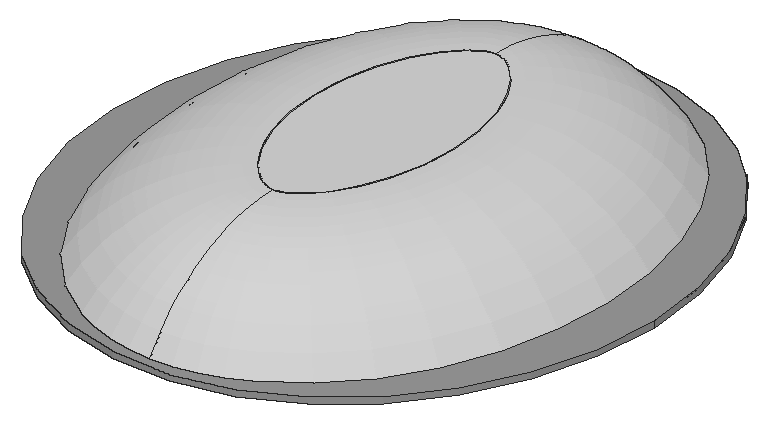
Revit family "4054981 Lighting Fixture_Sylvania_Brio IP65VR LED_Wall Surface", category Lighting Fixtures, host Face, Revit 2017
Family settings
  Host = Face
  Round Connector Dimension = Use Diameter
  Part Type = Normal
  OmniClass Number = 23.80.70.11.17
  OmniClass Title = Specialized Lighting by Location or Use
  Cut with Voids When Loaded = No
  Light Source = Yes
  Shared = No
  Room Calculation Point = No
Parameters (values of type "BRIO IP65VR LED 4000K Emergency")
  Width = 350.0 mm
  Weight = 3.20 kg  # constant formula
  Wattage = 2.61637 W
  built-in parameter 1150110 = 1 (stored number, unit not read)
  Voltage Comments = "UNV (Universal Voltage; 220-240 Volt)"  # constant formula
  Voltage = 230 V  # constant formula
  URL = "https://www.sylvania-lighting.com/"
  built-in parameter 1114217 = 1 (stored number, unit not read)
  Tilt Angle = -90.00°  # constant formula
  built-in parameter 1150109 = 1 (stored number, unit not read)
  built-in parameter 1150134 = 12
  built-in parameter 1150113 = 1 (stored number, unit not read)
  Product Page URL = "https://www.sylvania-lighting.com/product/en-int/products/4054981"
  Product Family = "BRIO IP65 Vandal Resistant LED"  # constant formula
  Photometry Comments = ""
  Photometric Web File = "4054957_BRIOIP65LED4000K700mABlackEMG-134363.ies"
  built-in parameter 1150105 = 51.05 (stored number, unit not read)
  Lumens = 163 lm
  built-in parameter 1150115 = 1 (stored number, unit not read)
  built-in parameter 1150137 = (empty or 0)
  built-in parameter 1150139 = (empty or 0)
  Life = "50 000h"  # constant formula
  Length = 395.0 mm
  built-in parameter 1150112 = 1 (stored number, unit not read)
  built-in parameter 1150114 = 1 (stored number, unit not read)
  Lamp Comments = "Integrated LED"
  LOR = "44 %"  # constant formula
  built-in parameter 1150132 = 2
  built-in parameter 1150102 = (empty or 0)
  built-in parameter 1150107 = 4000 (stored number, unit not read)
  built-in parameter 1150138 = (empty or 0)
  built-in parameter 1150106 = 0.5105 (stored number, unit not read)
  IK Rating = "IK10"  # constant formula
  built-in parameter 1150104 = 5.7879 (stored number, unit not read)
  Drive Current = "700mA"  # constant formula
  Dimming Lamp Color Temperature Shift = <None>
  Color Filter = 16777215
  Body Material = Aluminum_Sylvania_Brio IP65 LED_Black
  built-in parameter 1114218 = 1 (stored number, unit not read)
  built-in parameter 1150133 = 10 (stored number, unit not read)
  IP Rating = "IP65"  # constant formula
  built-in parameter 1114216 [instance] = 1 (stored number, unit not read)
  Model = "4054981 BRIO IP65VR LED 4000K Emg"
  Manufacturer = "Feilo-Sylvania Group"
  Lamp = "Brio LED 4000K Emg"
  Diffuser Material = Polycarbonate_Sylvania_Brio IP65 LED_Opal
  Description = "Significant energy savings compared to traditional CFL and 2D fixtures. Excellent flashing provides perfect homogenous light distribution. Unique feature allowing a choice between High Output or High efficiency with the flick of a switch. 50,000 hours life, providing a maintenance free lighting solution. Attractive, tough IK10 impact resistant construction. 104-119mm discrete profile. Aesthetically pleasing designs. IP65 water jet proof. Option to add microwave sensor for maximum energy savings"  # constant formula
  Default Elevation = 0.0 mm
  built-in parameter 1140040 [instance] = 1
  Assembly Code = "D5020200"
  Apparent Load Comments = ""
  Apparent Load = 25 VA
Reference planes
  plane 1 "Center (Front/Back)": y = 0
  plane 2 "Fixture Top": z = 0
  plane 3 "Center (Left/Right)": x = -40
  plane 4 "Fixture Back": y = 197.5
  plane 5 "Fixture Front": y = -197.5
  plane 6 "Diffuser Plane": z = 4
  plane 7 "Light Source Plane": z = 58
  plane 8: z = 56
  plane 9: y = 190
  plane 10: y = -190
  plane 11 "Fixture Left": x = -215
  plane 12 "Fixture Right": x = 135
  plane 13: x = 105
  plane 14: x = -185
  plane 15: y = 90
  plane 16: y = -90
  plane 17: x = 5
  plane 18: x = -85
Forms (mm)
  Sweep 1, solid, material "Polycarbonate_Sylvania_Brio IP65 LED_Opal" <- "Diffuser Material"
    path origin (0, 0, 4) x (-1, 0, 0) y (0, -1, 0)
      loop
        spline (40, -190) -> (77.529, -183.526) -> (112.5, -164.545) -> (142.53, -134.35) -> (165.574, -95) -> (180.059, -49.176) -> (185, 0) -> (180.059, 49.176) -> (165.574, 95) -> (142.53, 134.35) -> (112.5, 164.545) -> (77.529, 183.526) -> (40, 190)
        spline (40, 190) -> (2.471, 183.526) -> (-32.5, 164.545) -> (-62.53, 134.35) -> (-85.574, 95) -> (-100.059, 49.176) -> (-105, 0) -> (-100.059, -49.176) -> (-85.574, -95) -> (-62.53, -134.35) -> (-32.5, -164.545) -> (2.471, -183.526) -> (40, -190)
    profile origin (105, 0, 4) x (1, 0, 0) y (0, 0, 1)
      loop
        arc (-100, 52) -> (-44.706, 38.189) -> (-2.401, 0) r 117.593
        line (-2.401, 0) -> (0, 0)
        arc (0, 0) -> (-43.176, 39.638) -> (-100, 54) r 119.593
        line (-100, 54) -> (-100, 52)
  Extrusion 2, solid, material "Polycarbonate_Sylvania_Brio IP65 LED_Opal" <- "Diffuser Material"
    sketch origin (0, 0, 0) x (1, 0, 0) y (0, 1, 0)
      loop
        spline (-40, 90) -> (-44.405, 89.172) -> (-52.17, 84.793) -> (-63.035, 73.683) -> (-74.062, 54.679) -> (-82.086, 29.141) -> (-85, 0) -> (-82.086, -29.141) -> (-74.062, -54.679) -> (-63.035, -73.683) -> (-52.17, -84.793) -> (-44.405, -89.172) -> (-40, -90)
        spline (-40, -90) -> (-35.595, -89.172) -> (-27.83, -84.793) -> (-16.965, -73.683) -> (-5.938, -54.679) -> (2.086, -29.141) -> (5, 0) -> (2.086, 29.141) -> (-5.938, 54.679) -> (-16.965, 73.683) -> (-27.83, 84.793) -> (-35.595, 89.172) -> (-40, 90)
    from 56 to 58
  Extrusion 3, solid, material "Aluminum_Sylvania_Brio IP65 LED_Black" <- "Body Material"
    sketch origin (0, 0, 0) x (1, 0, 0) y (0, 1, 0)
      loop
        spline (135, 0) -> (129.037, 51.117) -> (111.554, 98.75) -> (83.744, 139.654) -> (47.5, 171.04) -> (5.293, 190.77) -> (-40, 197.5) -> (-85.293, 190.77) -> (-127.5, 171.04) -> (-163.744, 139.654) -> (-191.554, 98.75) -> (-209.037, 51.117) -> (-215, 0)
        spline (-215, 0) -> (-209.037, -51.117) -> (-191.554, -98.75) -> (-163.744, -139.654) -> (-127.5, -171.04) -> (-85.293, -190.77) -> (-40, -197.5) -> (5.293, -190.77) -> (47.5, -171.04) -> (83.744, -139.654) -> (111.554, -98.75) -> (129.037, -51.117) -> (135, 0)
    from 0 to 4
Lines and regions (mm)
  model lines
    curve 1: line (-85, 0, 58) -> (5, 0, 58)
    curve 2: line (5, 0, 58) -> (-85, 0, 58)
Dimensions and locks
  equal spacing: plane 4 "Fixture Back", plane 1 "Center (Front/Back)", plane 5 "Fixture Front"
  "Length": plane 4 "Fixture Back" to plane 5 "Fixture Front"
  locked: plane 6 "Diffuser Plane" to plane 2 "Fixture Top" at 4
  locked: plane 8 to plane 6 "Diffuser Plane" at 52
  locked: plane 7 "Light Source Plane" to plane 8 at 2
  locked: plane 4 "Fixture Back" to plane 9 at 7.5
  locked: plane 10 to plane 5 "Fixture Front" at 7.5
  equal spacing: plane 11 "Fixture Left", plane 3 "Center (Left/Right)", plane 12 "Fixture Right"
  "Width": plane 11 "Fixture Left" to plane 12 "Fixture Right"
  locked: plane 13 to plane 12 "Fixture Right" at 30
  locked: plane 11 "Fixture Left" to plane 14 at 30
  locked: plane 11 "Fixture Left" to plane 18 at 130
  locked: plane 4 "Fixture Back" to plane 15 at 107.5
  locked: plane 16 to plane 5 "Fixture Front" at 107.5
  locked: plane 17 to plane 12 "Fixture Right" at 130
  aligned and locked: host face to plane 2 "Fixture Top"
  aligned and locked: host face to level
  aligned and locked: Extrusion 2 to plane 8
  aligned and locked: Extrusion 3 to plane 2 "Fixture Top"
  aligned and locked: plane 6 "Diffuser Plane" to Extrusion 3
  aligned and locked: plane 3 "Center (Left/Right)" to Sweep 1 sketch curve  (x2)
  aligned and locked: plane 9 to Sweep 1 sketch curve
  aligned and locked: plane 3 "Center (Left/Right)" to Extrusion 2 sketch curve  (x2)
  aligned and locked: plane 15 to Extrusion 2 sketch curve
  aligned and locked: plane 16 to Extrusion 2 sketch curve
  aligned and locked: imposter light to plane 3 "Center (Left/Right)"
  aligned and locked: imposter light to plane 1 "Center (Front/Back)"
  aligned and locked: plane 7 "Light Source Plane" to imposter light
Automatic sketch dimensions
  host sketch curve to host sketch curve = 1004.319 mm
  host sketch curve to host sketch curve = 1058.005 mm
  plane 1 "Center (Front/Back)" to curve 1 = 0.0 mm
  plane 1 "Center (Front/Back)" to curve 2 = 0.0 mm
  plane 3 "Center (Left/Right)" to curve 1 = 45.0 mm
  curve 2 to curve 1 = 0.0 mm
  curve 2 to plane 3 "Center (Left/Right)" = 45.0 mm
  curve 1 to curve 2 = 0.0 mm
  Sweep 1 sketch curve to Sweep 1 sketch curve = 0.0 mm  (x2)
  Sweep 1 sketch curve to plane 6 "Diffuser Plane" = 0.0 mm
  profile plane to Sweep 1 sketch curve = 0.0 mm
  plane 6 "Diffuser Plane" to Sweep 1 sketch curve = 52.0 mm
  Sweep 1 sketch curve to Sweep 1 sketch curve = 2.401 mm
  profile plane to Sweep 1 sketch curve = 100.0 mm
  plane 1 "Center (Front/Back)" to Sweep 1 sketch curve = 0.0 mm
  Sweep 1 sketch curve to plane 13 = 0.0 mm
  Sweep 1 sketch curve to plane 14 = 0.0 mm
  Extrusion 2 sketch curve to plane 3 "Center (Left/Right)" = 0.0 mm
  plane 16 to Extrusion 2 sketch curve = 0.0 mm
  Extrusion 2 sketch curve to plane 15 = 0.0 mm
  plane 1 "Center (Front/Back)" to Extrusion 3 sketch curve = 0.0 mm
  Extrusion 3 sketch curve to plane 3 "Center (Left/Right)" = 0.0 mm
  Extrusion 3 sketch curve to plane 12 "Fixture Right" = 0.0 mm
Connectors
  electrical at (-40, 0, 0), driven by "Voltage", driven by "Apparent Load"
    settings: on Extrusion 3, index 1, voltage 230 V, apparent load 0 VA, apparent load phase1 25 VA, apparent load phase2 0 VA, apparent load phase3 0 VA, power factor 1, load classification "Lighting", number of poles 1, system type 31, power factor state 1, is connector primary yes, connector utility no, sub classification motor no, connector description ""
